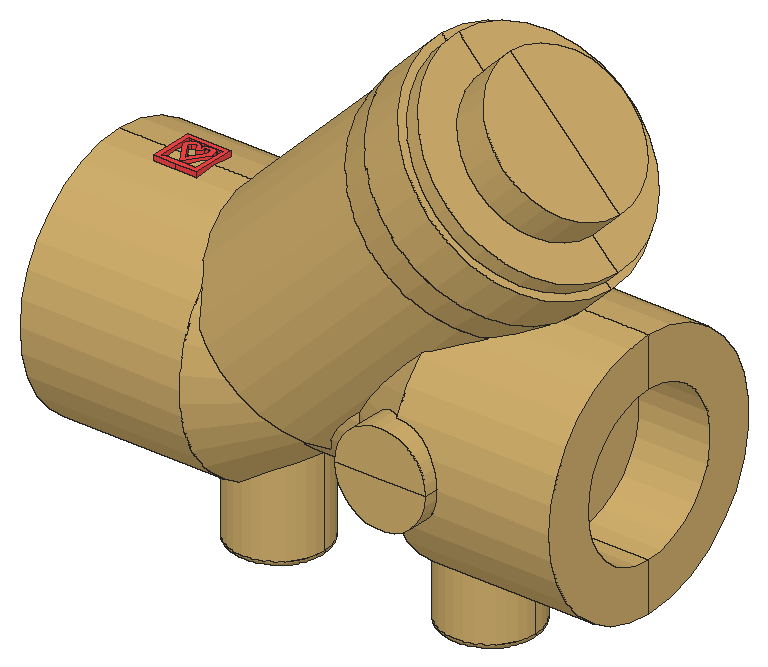
Revit family "Schmutzfänger 4111", category Rohrzubehör, Revit 2021
Family settings
  Bemaßung runder Anschluss = Durchmesser verwenden
  Teiletyp = Unterbricht
  OmniClass-Nummer = 23.65.55.14
  OmniClass-Titel = Valves for Liquid Services
  Arbeitsebenenbasiert = Nein
  Immer vertikal = Ja
  Beim Laden mit Abzugskörper schneiden = Nein
  Gemeinsam genutzt = Nein
Parameters
  max.Betriebstemp. = 110 °C  # constant formula
  W01 = 45.00°  # constant formula
  Vorgabe-Ansicht = 0.000 mm
  URL = "www.herz-armaturen.at"
  Siebkappe = "geschmiedetes Messing gem. EN 12420, CW617N"  # constant formula
  Sieb = "Streckmetall, Rautenmasche, Edelstahl 1.4301, Maschenweite 0,75mm"  # constant formula
  SW02 [instance] = size_lookup("4111_", "SW2", 11.000 mm, Nennweite)  # 8.500 mm
  SW01 [instance] = size_lookup("4111_", "SW1", 16.000 mm, Nennweite)  # 16.000 mm
  SCTWSEQ = "AW;SBT_TYP_AW=\"112\";2"
  SCTWCODE = "04;16;02"  # constant formula
  SCRNSEQ = "AWI;AWI_TYP=\"1011\";2"
  SCRNCODE = "05;15;02"  # constant formula
  S01 [instance] = R01 * 2  # 52.000 mm
  R100 = 1.000 mm  # constant formula
  R10 [instance] = size_lookup("4111_", "R10", 8.500 mm, Nennweite)  # 6.950 mm
  R09 [instance] = size_lookup("4111_", "R9", 30.000 mm, Nennweite)  # 15.000 mm
  R08 [instance] = R07 - 1.500 mm  # 23.500 mm
  R07 [instance] = size_lookup("4111_", "R7", 46.500 mm, Nennweite)  # 25.000 mm
  R06 [instance] = size_lookup("4111_", "R6", 43.000 mm, Nennweite)  # 24.000 mm
  R05 [instance] = Nennweite / 2  # 16.000 mm
  R04 [instance] = size_lookup("4111_", "R4", 11.500 mm, Nennweite)  # 9.500 mm
  R03 = 9.500 mm  # constant formula
  R02 [instance] = Nennweite / 2  # 16.000 mm
  R01 [instance] = (Nennweite / 2) + 10.000 mm  # 26.000 mm
  PN [instance] = size_lookup("4111_", "PN", 16, Nennweite)  # 25
  Nennweite [instance] = 32.000 mm
  Medium = "Heizungswasserqualität nach ÖNORM H 5195 oder VDI-Richtline 2035. Die Verwendung von Ethylen- oder\r\nPropylenglykol in einem Mischungsverhältnis 25 - 50% ist zulässig. Bitte beachten Sie die Hersteller- Dokumentation,\r\nwenn Glykol-Produkte für Frost- und Korrosionsschutz zum Einsatz kommen. EPDM-Dichtungen können durch\r\nMineralöle und Schmiermittel beschädigt werden und somit kann es zum Versagen der EPDM-Dichtungen führen.\r\nHERZ Kugelhähne sind nicht für den Einsatz von agressiven Medien (wie Säuren, Laugen, brennbaren und explosiven\r\nGase) geeignet, da die Dichtelemente beschädigt werden können."
  L16 [instance] = L03 - 4.500 mm  # 10.500 mm
  L15 [instance] = R01 - 1.000 mm  # 25.000 mm
  L14 [instance] = L06 - L08  # 7.300 mm
  L13 [instance] = size_lookup("4111_", "L13", 4.000 mm, Nennweite)  # 3.500 mm
  L12 = 0.800 mm  # constant formula
  L11 [instance] = size_lookup("4111_", "L11", 11.000 mm, Nennweite)  # 8.000 mm
  L10 = 3.500 mm  # constant formula
  L09 [instance] = size_lookup("4111_", "L9", 11.000 mm, Nennweite)  # 10.000 mm
  L08 [instance] = size_lookup("4111_", "L8", 35.000 mm, Nennweite)  # 52.700 mm
  L07 [instance] = size_lookup("4111_", "L7", 35.000 mm, Nennweite)  # 20.000 mm
  L06 [instance] = size_lookup("4111_", "L6", 118.000 mm, Nennweite) - L09  # 60.000 mm
  L05 [instance] = size_lookup("4111_", "L5", 44.000 mm, Nennweite)  # 27.500 mm
  L04 [instance] = size_lookup("4111_", "L4", 45.000 mm, Nennweite)  # 28.600 mm
  L03 = 15.000 mm  # constant formula
  L02 [instance] = size_lookup("4111_", "L2", 22.000 mm, Nennweite)  # 7.500 mm
  L01 [instance] = size_lookup("4111_", "L1", 48.000 mm, Nennweite)  # 33.000 mm
  L00 [instance] = size_lookup("4111_", "L", 180.000 mm, Nennweite)  # 110.000 mm
  Innengewinde = "gem. ISO 228-1"  # constant formula
  Hersteller = "Herz-Armaturen GmbH"  # constant formula
  H01 [instance] = size_lookup("4111_", "H1", 53.000 mm, Nennweite)  # 39.000 mm
  Gehäuse = "entzinkungsbeständiges Messing CC770S"  # constant formula
  Dichtungen = "EPDM"  # constant formula
  Bestellnummer [instance] = size_lookup("4111_", "Artnr", 0, Nennweite)  # 1411114
  Anwendungsgebiet = "Die Schmutzfänger werden in Rohrleitungen eingebaut, um schädliche Fremdkörper von den feinst bearbeiteten\r\nVentilsitzen fernzuhalten. Anwendungsgebiete sind haustechnische Anlagen, wie z.B. Heizungs- oder\r\nKaltwasseranlagen für die Klimatisierung von Gebäuden. Aromatische Chlorkohlenwasserstoffe, welche in Erdgas,\r\nErdölen und Schmiermitteln vorkommen, zerstören die EPDM- Dichtungen."
Reference planes
  plane 1 "Mitte (Vorne/hinten)": y = 0
  plane 2: z = 0
  plane 3 "Mitte (Links/rechts)": x = 0
Forms (mm)
  Revolve 1, solid, material "Messing", detail levels fine
    sketch origin (470, 0, 0) x (1, 0, 0) y (0, 0, 1)
      loop
        line (-525, 16) -> (-510, 16) -> (-510, 0) -> (-430, 0) -> (-430, 16) -> (-415, 16) -> (-415, 26) -> (-448, 26) -> (-462.5, 16) -> (-477.5, 16) -> (-492, 26) -> (-525, 26) -> (-525, 16)
      axis (-525, 0) -> (-415, 0)
    angle from 0 to 360
  Revolve 2, solid, material "Messing", detail levels fine
    sketch origin (470, 0, 0) x (1, 0, 0) y (0, 0, 1)
      loop
        line (-501.5, 0) -> (-501.5, -38)
        arc (-501.5, -38) -> (-501.207, -38.707) -> (-500.5, -39) r 1
        line (-500.5, -39) -> (-492, -39) -> (-492, 0) -> (-501.5, 0)
      axis (-492, 0) -> (-492, -39)
    angle from 0 to 360
  Revolve 3, solid, material "Messing", detail levels fine
    sketch origin (0, 0, 0) x (1, 0, 0) y (0, 1, 0)
      loop
        line (22, -28.6) -> (31.5, -28.6) -> (31.5, 27.5) -> (22, 27.5) -> (22, -28.6)
      axis (22, -28.6) -> (22, 27.5)
    angle from 0 to 360
  Revolve 4, solid, material "Messing", detail levels fine
    sketch origin (-470, 0, 0) x (-1, 0, 0) y (0, 0, 1)
      loop
        line (-501.5, 0) -> (-501.5, -38)
        arc (-501.5, -38) -> (-501.207, -38.707) -> (-500.5, -39) r 1
        line (-500.5, -39) -> (-492, -39) -> (-492, 0) -> (-501.5, 0)
      axis (-492, 0) -> (-492, -39)
    angle from 0 to 360
  Revolve 5, solid, material "Messing", detail levels fine
    sketch origin (0.32, 0, -0.105) x (1, 0, 0) y (0, 0, 1)
      loop
        line (-20.32, 0) -> (37.309, 57.629) -> (25.995, 68.943) -> (20.339, 63.286) -> (15.035, 68.589) -> (12.56, 66.114) -> (11.5, 67.175) -> (4.429, 60.104) -> (-0.026, 54.235) -> (-32.129, 22.132) -> (-31.634, 11.314) -> (-20.32, 0)
      axis (-20.32, 0) -> (37.309, 57.629)
    angle from 0 to 360
Lines and regions (mm)
  model lines, detail levels coarse+medium
    curve 1: line (-55, 0, 26) -> (55, 0, 26)
    curve 2: line (-55, 0, -26) -> (-55, 0, 26)
    curve 3: line (55, 0, -26) -> (-55, 0, -26)
    curve 4: line (55, 0, 26) -> (55, 0, -26)
    curve 6: line (-55, 26, 0) -> (55, 26, 0)
    curve 7: line (-55, -26, 0) -> (-55, 26, 0)
    curve 8: line (55, -26, 0) -> (-55, -26, 0)
    curve 9: line (55, 26, 0) -> (55, -26, 0)
    curve 10: line (55, -26, 0) -> (-55, 26, 0)
  symbolic lines, style "PipeAccessory"
    curve 5: line (55, 0, -26) -> (-55, 0, 26)
Dimensions and locks
  "H01": plane 2 to Revolve 2 sketch curve
  "L00": Revolve 1 sketch curve to Revolve 1 sketch curve
  equal spacing: Revolve 1 sketch curve, plane 3 "Mitte (Links/rechts)", Revolve 1 sketch curve
  "R01": Revolve 1 sketch curve to Revolve 1 sketch curve  (x2)
  "R02": Revolve 1 sketch curve to Revolve 1 sketch curve  (x3)
  "L01": Revolve 1 sketch curve to Revolve 1 sketch curve  (x2)
  "L02": plane 3 "Mitte (Links/rechts)" to Revolve 1 sketch curve
  "L02": Revolve 1 sketch curve to plane 3 "Mitte (Links/rechts)"
  "L03": Revolve 1 sketch curve to Revolve 1 sketch curve  (x2)
  "L01": Revolve 1 to Revolve 2 sketch curve
  "R03": Revolve 2 sketch curve to Revolve 2 sketch curve
  "L01": Revolve 4 sketch curve to Revolve 1
  "R03": Revolve 4 sketch curve to Revolve 4 sketch curve
  "H01": plane 2 to Revolve 4 sketch curve
  "L04": Revolve 3 sketch curve to plane 1 "Mitte (Vorne/hinten)"
  "L05": plane 1 "Mitte (Vorne/hinten)" to Revolve 3 sketch curve
  "R04": Revolve 3 sketch curve to Revolve 3 sketch curve
  "L01": Revolve 3 sketch curve to Revolve 1
  "SW01": Revolve 5 sketch curve to Revolve 5 sketch curve
  "R08": Revolve 5 sketch curve to Revolve 5 sketch curve
  "L10": Revolve 5 sketch curve to Revolve 5 sketch curve
  "L11": Revolve 5 sketch curve to Revolve 5 sketch curve
  "R07": Revolve 5 sketch curve to Revolve 5 sketch curve
  "L07": plane 3 "Mitte (Links/rechts)" to Revolve 5 sketch curve
  "R05": Revolve 5 sketch curve to Revolve 5 sketch curve
  "L06": Revolve 5 sketch curve to Revolve 5 sketch curve
  "L09": Revolve 5 sketch curve to Revolve 5 sketch curve
  "L08": Revolve 5 sketch curve to Revolve 5 sketch curve
  "R06": Revolve 5 sketch curve to Revolve 5 sketch curve
  "L14": Revolve 5 sketch curve to Revolve 5 sketch curve
  "L15": nested 1 to plane 2
  "L16": Revolve 1 to nested 1
  equal spacing: curve 7, plane 3 "Mitte (Links/rechts)", curve 9
  "L00": curve 7 to curve 9
  "S01": curve 6 to curve 8
  equal spacing: curve 4, plane 3 "Mitte (Links/rechts)", curve 2
  "L00": curve 4 to curve 2
  equal spacing: curve 1, plane 2, curve 3
  "S01": curve 1 to curve 3
  equal spacing: curve 8, plane 1 "Mitte (Vorne/hinten)", curve 6
  "R100": radius of Revolve 2 sketch curve
  "R100": radius of Revolve 4 sketch curve
  "W01": angle plane 2 to Revolve 5 sketch curve
  "W01": angle level to Revolve 5 sketch curve
  aligned and locked: level to plane 2
Automatic sketch dimensions
  Revolve 1 sketch curve to level = 0.000 mm  (x2)
  Revolve 1 sketch curve to Revolve 1 sketch curve = 791.990 mm
  Revolve 1 sketch curve to Revolve 1 sketch curve = 2278.983 mm
  Revolve 2 sketch curve to level = 0.000 mm  (x2)
  Revolve 2 sketch curve to Revolve 2 sketch curve = 0.000 mm
  Revolve 2 sketch curve to Revolve 2 sketch curve = 0.292 mm
  Revolve 3 sketch curve to Revolve 3 sketch curve = 0.000 mm  (x3)
  Revolve 4 sketch curve to level = 0.000 mm  (x2)
  Revolve 4 sketch curve to Revolve 4 sketch curve = 0.000 mm
  Revolve 4 sketch curve to Revolve 4 sketch curve = 0.292 mm
  Revolve 5 sketch curve to level = 0.105 mm
  Revolve 5 sketch curve to Revolve 5 sketch curve = 0.000 mm  (x2)
Nested families
  nested 1: "Herz-Logo" at (-39.982, 0, 25), type "Herz-Logo", detail levels fine
Connectors
  piping at (-40, 0, 0), diameter 32, driven by "Nennweite"
    settings: on Revolve 1, index 1, connector inside diameter 609.6 mm, connector length 0.000 mm, flow factor 0, pipe flow 0.0 L/s, pressure drop 0.0 Pa, fitting loss kfactor 0, connector angle 0.00°, fixture units 0, engagement length 0.000 mm, angle of deflection 0.00°, flow configuration 0, flow direction 1, fitting loss method 0, system type 29, joint type 0, gender type 0, connector reference index -1, connector utility 0, adjustable connector no, is connector primary yes, connector description ""
  piping at (40, 0, 0), diameter 32, driven by "Nennweite"
    settings: on Revolve 1, index 2, connector inside diameter 609.6 mm, connector length 0.000 mm, flow factor 0, pipe flow 0.0 L/s, pressure drop 0.0 Pa, fitting loss kfactor 0, connector angle 0.00°, fixture units 0, engagement length 0.000 mm, angle of deflection 0.00°, flow configuration 0, flow direction 2, fitting loss method 0, system type 29, joint type 0, gender type 0, connector reference index -1, connector utility 0, adjustable connector no, is connector primary no, connector description ""
Definition of nested family "Herz-Logo"
  Parameters (values of type "Herz-Logo")
    Default Elevation = 0.000 mm
  Reference planes
    plane 1 "Mitte (Vorne/hinten)": y = 0
    plane 2: z = 0
    plane 3 "Mitte (Links/rechts)": x = 0
  Forms (mm)
    Extrusion 1, solid
      sketch origin (0, 0, 0) x (1, 0, 0) y (0, 1, 0)
        loop
          line (-0.018, -4.517) -> (4.482, -4.517) -> (4.482, 4.483) -> (-4.518, 4.483) -> (-4.518, -4.517) -> (-0.018, -4.517)
        loop
          line (-0.05, -3.48) -> (3.482, -3.48) -> (3.482, 3.483) -> (-3.518, 3.483) -> (-3.518, -3.48) -> (-0.05, -3.48)
        loop
          arc (-0.018, 2.383) -> (-1.543, 3.287) -> (-3.067, 2.383) r 1.738
          arc (-3.067, 2.383) -> (-3.191, 1.899) -> (-3.067, 1.415) r 1.009
          line (-3.067, 1.415) -> (-0.018, -3.281) -> (3.032, 1.415)
          arc (3.032, 1.415) -> (3.156, 1.899) -> (3.032, 2.383) r 1.009
          arc (3.032, 2.383) -> (1.507, 3.287) -> (-0.018, 2.383) r 1.738
        loop
          arc (1.885, 1.272) -> (2.005, 1.675) -> (1.885, 2.079) r 0.74
          arc (1.885, 2.079) -> (1.265, 2.416) -> (0.644, 2.079) r 0.74
          line (0.644, 2.079) -> (-0.018, 0.97) -> (-0.679, 2.079)
          arc (-0.679, 2.079) -> (-1.3, 2.416) -> (-1.921, 2.079) r 0.74
          arc (-1.921, 2.079) -> (-2.04, 1.675) -> (-1.921, 1.272) r 0.74
          line (-1.921, 1.272) -> (-0.018, -1.658) -> (1.885, 1.272)
      from 0 to 1.5
  Dimensions and locks
    aligned and locked: level to plane 2
